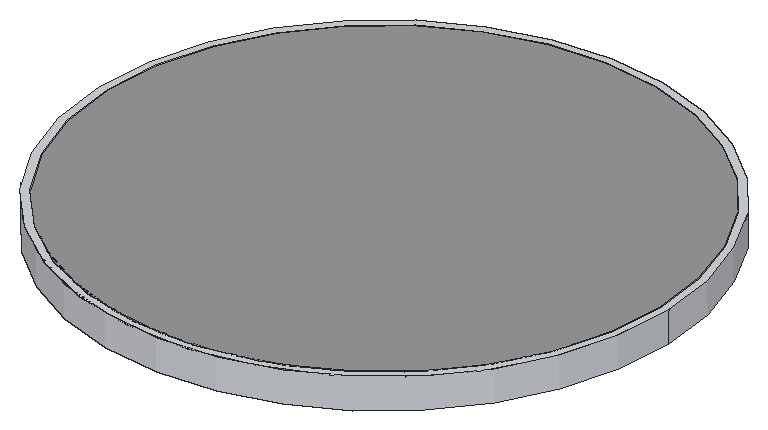
Revit family "2071298", category Lighting Fixtures, host Face, Revit 2018
Family settings
  Host = Face
  Round Connector Dimension = Use Diameter
  Part Type = Junction Box
  OmniClass Number = 23.80.70.00
  OmniClass Title = Lighting
  Cut with Voids When Loaded = No
  Light Source = Yes
  Shared = No
  Room Calculation Point = No
Parameters (values of type "2071298 COLOSSAL 1200 940 OP DIR WHT DALI EM")
  iner diameter = 1168 mm
  Weight = "n/a"
  Wattage Comments = ""
  Wattage = 30 W
  WarrantyStartDate [instance] = "n/a"
  WarrantyGuarantorParts = "n/a"
  WarrantyDurationUnit = "n/a"
  WarrantyDurationParts = ""
  WarrantyDescription = "http://www.sylvania-lighting.com"
  built-in parameter 1150110 = 1 (stored number, unit not read)
  Voltage = 230 V
  URL = "0.95"
  TypeName = "COLOSSAL 1200mm 940 OPAL DIR WHITE DALI EM"
  Type Image = <None>
  Type Comments = "n/a"
  built-in parameter 1114217 = 1 (stored number, unit not read)
  Tilt Angle = -90.00°
  built-in parameter 1150109 = 1 (stored number, unit not read)
  built-in parameter 1150134 = (empty or 0)
  built-in parameter 1150113 = 1 (stored number, unit not read)
  SerialNumber [instance] = "n/a"
  Photometric Web File = "2071298.ies"
  Material_3_SYL = LED-Sylvania
  PowerFactor = 0
  PowerConsumption = "Lighting"
  NominalLength = 1168 mm
  NominalHeight = 93 mm
  NominalDepth = 1168 mm
  Name = "COLOSSAL 1200mm 940 OPAL DIR WHITE DALI EM"
  ModelReference = Name  # "COLOSSAL 1200mm 940 OPAL DIR WHITE DALI EM"
  ModelNumber = "2071298"
  Model = Name  # "COLOSSAL 1200mm 940 OPAL DIR WHITE DALI EM"
  Material = "Feilo Sylvania"
  ManufacturerName = "119 lm/W"
  Manufacturer = ""
  LuminousEfficacy = ""
  built-in parameter 1150105 = 270.44 (stored number, unit not read)
  Lumens = 3398.4 lm
  LuminaireType = "0"
  built-in parameter 1150115 = 1 (stored number, unit not read)
  LightOutputRatio = "LED"
  built-in parameter 1150137 = (empty or 0)
  built-in parameter 1150139 = (empty or 0)
  LampsType = Lamp  # "n/a"
  LampNominalLuminous = "4000 K"
  LampMacAdamStep = "90"
  LampColourTemperature = "LED"
  LampColourRenderingIndex = "16500"
  built-in parameter 1150112 = 1 (stored number, unit not read)
  built-in parameter 1150114 = 1 (stored number, unit not read)
  Lamp = "n/a"
  Keynote = "n/a"
  InstallationDate [instance] = "n/a"
  InputVoltage = "0"
  InputNominalFrequency = "4000"
  built-in parameter 1150132 = (empty or 0)
  built-in parameter 1150102 = (empty or 0)
  built-in parameter 1150107 = 3000 (stored number, unit not read)
  built-in parameter 1150138 = (empty or 0)
  IngressProtection = "IfcLightFixtureType"
  ImpactProtectionIndex = "IfcLightFixtureType"
  built-in parameter 1150106 = 2.7044 (stored number, unit not read)
  IfcExportType = "IfcLightFixtureType"
  IfcExportAs = "Class I"
  Emit from Circle Diameter = 385 mm
  Emit Shape Visible in Rendering = no
  ElectricShockClassification = "119"
  built-in parameter 1150104 = 10.524 (stored number, unit not read)
  DocumentationLiterature = "http://www.sylvania-lighting.com/product/en-int/products/2071298"
  DimmingControlOptions = "n/a"
  Material_2_SYL = Polycarbonate_Sylvania_White
  Dimming Lamp Color Temperature Shift = <None>
  Description = "1200mm diameter circular architectural luminaire, can be surface mounted or suspended. Powder coated aluminium housing (RAL9016) with polycarbonate opal diffuser. Direct light distribution, 18745lm luminuous flux, 157W system power, 119lm/W luminiaire efficacy. DALI dimmable. 3 hours integrated emergency. Colour rendering index Ra >90, 4000K Neutral White LED, chromaticity tolerance of 3-step MacAdam ellipse. IP40/IP20, IK03. 450mA drive current. Electrical protection Class1, 220-240V. Reported lifetime 66k hours L90B10."
  Default Elevation = 1219.2 mm
  CreatedOn = "23/03/2022"
  CreatedBy = "@sylvania-lighting.com"
  Cost = 0
  Color Filter = 16777215
  built-in parameter 1114216 [instance] = (empty or 0)
  ClassificationValue = "EF_70_80"
  ClassificationName = "Uniclass2015"
  Material_1_SYL = Polycarbonate_Sylvania_Opal
  BarCode [instance] = "n/a"
  built-in parameter 1114218 = 1 (stored number, unit not read)
  built-in parameter 1150133 = 10 (stored number, unit not read)
  AssetType = "Fixed"
  AssetIdentifier [instance] = "n/a"
  Assembly Code = "D5020200"
  Apparent Load = 157 VA
  Material_4_SYL = none
Reference planes
  plane 1 "Center (Front/Back)": y = 0
  plane 2: z = 0
  plane 3 "Center (Left/Right)": x = 0
  plane 4: z = 1.161
  plane 5: z = 16.161
  plane 6: y = 584
  plane 7: y = -584
  plane 8: x = 85
  plane 9: x = -85
  plane 10: through (0, 0, 1219.2) normal (0.5, 0.866, 0)
  plane 11: through (42.5, 73.612, 1219.2) normal (0.5, 0.866, 0)
  plane 12: through (-42.5, -73.612, 1219.2) normal (0.5, 0.866, 0)
  plane 13: through (0, 0, 1219.2) normal (0.5, -0.866, 0)
  plane 14: through (-42.5, 73.612, 1219.2) normal (0.5, -0.866, 0)
  plane 15: through (42.5, -73.612, 1219.2) normal (0.5, -0.866, 0)
  plane 16: z = 93
  plane 17: y = 584
  plane 18: y = -584
  plane 19: y = -429
  plane 20: x = -584
  plane 21: x = 584
Forms (mm)
  Extrusion 1, solid, detail levels medium+fine
    sketch origin (0, 0, 0) x (0.866025, -0.5, 0) y (0.5, 0.866025, 0)
      loop
        circle (-50, 86.603) r 22
    from 0 to 2
  Extrusion 2, solid, detail levels medium+fine
    sketch origin (0, 0, 0) x (0.866025, -0.5, 0) y (0.5, 0.866025, 0)
      loop
        circle (100, 0) r 22
      loop
        circle (-50, -86.603) r 22
    from 0 to 2
  Extrusion 3, solid, detail levels medium+fine
    sketch origin (0, 0, 0) x (1, 0, 0) y (0, 1, 0)
      loop
        circle (0, 0) r 584
    from 30 to 93
  Extrusion 4, void
    sketch origin (0, 0, 0) x (1, 0, 0) y (0, 1, 0)
      loop
        circle (0, 0) r 568
    from 96.588 to 37.292
  Extrusion 5, solid, material "Glass, White, High Luminance", detail levels fine
    sketch origin (0, 0, 0) x (1, 0, 0) y (0, 1, 0)
      loop
        circle (0, 0) r 568
    from 88.022 to 93
  Extrusion 6, solid, detail levels coarse
    sketch origin (0, 0, 0) x (1, 0, 0) y (0, 1, 0)
      loop
        line (-584, 584) -> (-584, -584) -> (584, -584) -> (584, 584) -> (-584, 584)
    from 0 to 93
  Blend 7, solid, detail levels medium+fine
    base sketch origin (-10.814, 11.299, 29.922) x (1, 0, 0) y (0, 1, 0)
      loop
        line (-402.654, -330.622) -> (397.346, -330.622) -> (482.346, -183.398) -> (82.346, 509.423) -> (-87.654, 509.423) -> (-487.654, -183.398) -> (-402.654, -330.622)
    top sketch origin (-10.814, 11.299, 29.922) x (1, 0, 0) y (0, 1, 0)
      loop
        line (-363.391, -306.496) -> (364.632, -306.496) -> (449.632, -159.272) -> (87.132, 468.597) -> (-82.868, 468.597) -> (-445.368, -159.272) -> (-363.391, -306.496)
    from 0 to -30
Cuts and joins
  Extrusion 4 cuts Extrusion 1
  Extrusion 4 cuts Extrusion 2
  Extrusion 4 cuts Extrusion 3
Lines and regions (mm)
  model lines, detail levels medium+fine
    curve 1: circle (0, 0, 0) r 155 normal (0, 0, 1)
  reference lines
    curve 2: circle (0, 0, 0) r 489 normal (0, 0, 1)
    curve 3: circle (0, 0, 0) r 521 normal (0, 0, 1)
    curve 4: line (0, 0, 0) -> (606.218, -350, 0)
    curve 5: line (0, 0, 0) -> (0, 825, 0)
    curve 6: line (0, 0, 0) -> (-623.538, -360, 0)
    curve 7: line (639.013, -270.785, 0) -> (85, 49.075, 0)
    curve 8: line (563.718, -423.612, 0) -> (0, -98.15, 0)
    curve 9: line (85, 49.075, 0) -> (85, 825, 0)
    curve 10: line (-85, 49.075, 0) -> (-85, 825, 0)
    curve 11: line (-85, 49.075, 0) -> (-666.038, -286.388, 0)
    curve 12: line (-581.038, -433.612, 0) -> (0, -98.15, 0)
Dimensions and locks
  plane 4 to level = 1.161 mm
  locked: plane 5 to plane 4 at 15
  "NominalDepth": plane 6 to plane 7
  plane 6 to plane 1 "Center (Front/Back)" to plane 7 = 584 mm, 584 mm
  "NominalHeight": level to plane 16
  equal spacing: plane 17, plane 1 "Center (Front/Back)", plane 18
  "NominalLength": plane 20 to plane 21
  equal spacing: plane 20, plane 3 "Center (Left/Right)", plane 21
  aligned and locked: plane 2 to host face
  aligned and locked: level to host face
  aligned and locked: plane 6 to Extrusion 6
Automatic sketch dimensions
  host sketch curve to host sketch curve = 2438.4 mm  (x2)
  Extrusion 1 sketch curve to plane 3 "Center (Left/Right)" = 0 mm
  Extrusion 1 sketch curve to plane 1 "Center (Front/Back)" = 100 mm
  plane 1 "Center (Front/Back)" to Extrusion 2 sketch curve = 50 mm
  Extrusion 2 sketch curve to plane 3 "Center (Left/Right)" = 86.603 mm
  Extrusion 2 sketch curve to Extrusion 2 sketch curve = 150 mm
  Extrusion 2 sketch curve to Extrusion 2 sketch curve = 86.603 mm
  plane 1 "Center (Front/Back)" to curve 1 = 0 mm
  curve 1 to plane 3 "Center (Left/Right)" = 0 mm
  plane 1 "Center (Front/Back)" to Extrusion 3 sketch curve = 0 mm
  Extrusion 3 sketch curve to plane 3 "Center (Left/Right)" = 0 mm
  plane 1 "Center (Front/Back)" to Extrusion 4 sketch curve = 0 mm
  Extrusion 4 sketch curve to plane 3 "Center (Left/Right)" = 0 mm
  plane 1 "Center (Front/Back)" to Extrusion 5 sketch curve = 0 mm
  Extrusion 5 sketch curve to plane 3 "Center (Left/Right)" = 0 mm
  curve 2 to curve 3 = 0 mm  (x2)
  curve 11 to plane 14 = 0 mm
  curve 6 to plane 13 = 0 mm
  curve 12 to plane 15 = 0 mm
  curve 10 to plane 9 = 0 mm
  curve 12 to plane 3 "Center (Left/Right)" = 0 mm
  plane 1 "Center (Front/Back)" to curve 3 = 0 mm
  curve 3 to plane 3 "Center (Left/Right)" = 0 mm
  curve 7 to plane 8 = 0 mm
  curve 11 to plane 10 = 0 mm
  curve 12 to plane 19 = 4.612 mm
  plane 19 to curve 6 = 69 mm
  plane 19 to curve 11 = 142.612 mm
  plane 19 to curve 8 = 5.388 mm
  plane 19 to curve 4 = 79 mm
  plane 19 to curve 7 = 158.215 mm
  plane 6 to curve 5 = 241 mm
  curve 10 to curve 5 = 0 mm
  curve 5 to curve 9 = 0 mm
  plane 1 "Center (Front/Back)" to curve 6 = 0 mm
  curve 6 to plane 3 "Center (Left/Right)" = 0 mm
  Extrusion 6 sketch curve to plane 7 = 0 mm
  Extrusion 6 sketch curve to plane 6 = 0 mm
  Blend 7 sketch curve to plane 6 = 756.098 mm  (x2)
  Blend 7 sketch curve to Blend 7 sketch curve = 85 mm
  plane 3 "Center (Left/Right)" to Blend 7 sketch curve = 386.532 mm
  plane 8 to Blend 7 sketch curve = 386.532 mm
  Blend 7 sketch curve to plane 6 = 63.278 mm
  Blend 7 sketch curve to plane 6 = 731.972 mm  (x2)
  Blend 7 sketch curve to Blend 7 sketch curve = 81.977 mm
  plane 3 "Center (Left/Right)" to Blend 7 sketch curve = 353.818 mm
  plane 8 to Blend 7 sketch curve = 353.818 mm
  Blend 7 sketch curve to plane 6 = 104.104 mm
  plane 12 to curve 8 = 0 mm
  plane 19 to Blend 7 sketch curve = 109.677 mm
  plane 19 to Blend 7 sketch curve = 133.803 mm
  plane 8 to Extrusion 6 sketch curve = 499 mm
  Extrusion 6 sketch curve to plane 9 = 499 mm
  Blend 7 sketch curve to plane 8 = 13.468 mm
  Blend 7 sketch curve to plane 9 = 13.468 mm
  Blend 7 sketch curve to plane 9 = 328.468 mm
  Blend 7 sketch curve to plane 8 = 8.682 mm
  Blend 7 sketch curve to plane 9 = 8.682 mm
  Blend 7 sketch curve to plane 9 = 289.205 mm
  plane 10 to curve 4 = 0 mm
  plane 11 to curve 7 = 0 mm
  curve 12 to plane 12 = 0 mm
  curve 9 to plane 11 = 0 mm
  radius of Extrusion 1 sketch curve = 22 mm
  radius of Extrusion 2 sketch curve = 22 mm  (x2)
  radius of curve 1 = 155 mm
  radius of Extrusion 3 sketch curve = 584 mm
  radius of Extrusion 4 sketch curve = 568 mm
  radius of Extrusion 5 sketch curve = 568 mm
  radius of curve 2 = 489 mm
  radius of curve 3 = 521 mm
Connectors
  electrical at (0, 0, 30)
    settings: on cut or joined group of Extrusion 3, Extrusion 4, index 1, voltage 0 V, apparent load 0 VA, apparent load phase1 0 VA, apparent load phase2 0 VA, apparent load phase3 0 VA, power factor 1, load classification "Other", number of poles 1, system type 31, power factor state 1, is connector primary yes, connector utility no, sub classification motor no, connector description ""
